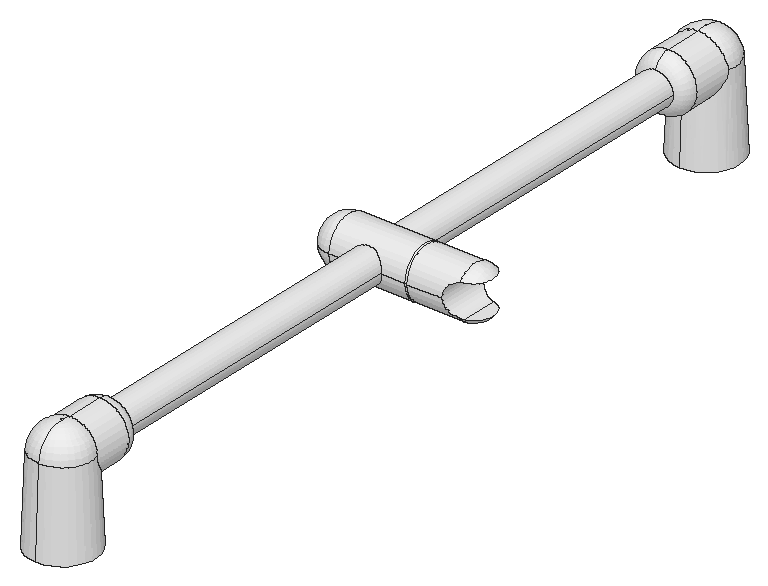
Revit family "xSlide_Bar-American_Standard-Standard-1660_Series", category Specialty Equipment, host Face, Revit 2014
Parameters (values of type "1660.225")
  Width = 5"  # constant formula
  Warranty Information = "One Year General Product Warranty"  # constant formula
  URL = "https://www.americanstandard-us.com/"
  Type Comments = ""
  Product Page URL = "https://www.americanstandard-us.com/bathroom/shower-faucets/standard-slide-bar-17023"
  Product Documentation Link = "https://www.americanstandard-us.com/-/media/sites/asus/files/product-specs/shower-faucets/2017/fixture-wall-bracket-and-slide-bar-8888036-1660225-1660236/spec-sheet-8888036-1660225-1660236.pdf?la=en"
  Price = "Prices may vary. Please consult Manufacturer Representative for most up-to-date price list."  # constant formula
  Model = "1660.225"
  Material = "Brass-American Standard-002-Polished Chrome"
  Manufacturer = "American Standard"  # constant formula
  Length = 2 1/2"  # constant formula
  Installation Type = "Wall Mounted"  # constant formula
  Height = 24"
  Finish = Brass-American Standard-002-Polished Chrome
  Description = "24\" Standard Slide Bar"
  Default Elevation = 53"
  Creation Date = "01/22/2018"  # constant formula
  Assembly Code = "C1030200"
Types (3): name | Model | Height | Description | Default Elevation
  (no name) | "1660.225" | 24" | "24\" Standard Slide Bar" | 53"
  1660.225 | "1660.225" | 24" | "24\" Standard Slide Bar" | 53"
  1660.236 | "1660.236" | 36" | "36\" Standard Slide Bar" | 47"
Reference planes (in)
  plane 1 "Center (Front/Back)": y = 0
  plane 2: z = 0
  plane 3 "Center (Left/Right)": x = 0
  plane 4: z = 2.5
  plane 5: y = -12
  plane 6: y = 12
  plane 7: x = -0.5
  plane 8: x = 0.5
  plane 9: x = -1.75
  plane 10: x = 3.25
  plane 11: z = 3.375
  plane 12: y = -53
Forms (in)
  Revolve 1, solid, material "Brass-American Standard-002-Polished Chrome" <- "Finish"
    sketch origin (0, -27.0625, 0) x (0, 1, 0) y (0, 0, 1)
      loop
        line (14.07955, 0) -> (15.0625, 0) -> (15.0625, 3.37483) -> (15.02178, 3.37483)
        arc (15.02178, 3.37483) -> (14.44711, 3.14407) -> (14.19163, 2.57995) r 0.83094
        line (14.19163, 2.57995) -> (14.07955, 0)
      axis (15.0625, 3.37483) -> (15.0625, 0)
    angle from 0 to 360
  Revolve 2, solid, material "Brass-American Standard-002-Polished Chrome" <- "Finish"
    sketch origin (0, 0, 2.5) x (1, 0, 0) y (0, 1, 0)
      loop
        line (-1.75, 0) -> (3.40625, 0) -> (3.40625, 0.05131)
        arc (3.40625, 0.05131) -> (3.20161, 0.54536) -> (2.70756, 0.75) r 0.69869
        line (2.70756, 0.75) -> (1.28456, 0.75)
        arc (1.28456, 0.75) -> (1.25385, 0.74418) -> (1.22313, 0.75) r 0.08395
        line (1.22313, 0.75) -> (-1.04935, 0.75)
        arc (-1.04935, 0.75) -> (-1.54478, 0.54478) -> (-1.75, 0.04935) r 0.70065
        line (-1.75, 0.04935) -> (-1.75, 0)
      axis (-1.75, 0) -> (3.40625, 0)
    angle from 0 to 360
  Revolve 3, solid, material "Brass-American Standard-002-Polished Chrome" <- "Finish"
    sketch origin (0, 0, 0.47041) x (0, 1, 0) y (0, 0, 1)
      loop
        line (-10.10092, 2.02959) -> (-10.10092, 2.3768)
        arc (-10.10092, 2.3768) -> (-10.24635, 2.72791) -> (-10.59746, 2.87334) r 0.49654
        line (-10.59746, 2.87334) -> (-12, 2.87334) -> (-12, 2.02959) -> (-10.10092, 2.02959)
      axis (-12, 2.02959) -> (-10.10092, 2.02959)
    angle from 0 to 360
  Revolve 4, solid, material "Brass-American Standard-002-Polished Chrome" <- "Finish"
    sketch origin (0, 27.0625, 0) x (0, -1, 0) y (0, 0, -1)
      loop
        line (14.07955, 0) -> (14.19163, -2.57995)
        arc (14.19163, -2.57995) -> (14.44711, -3.14407) -> (15.02178, -3.37483) r 0.83094
        line (15.02178, -3.37483) -> (15.0625, -3.37483) -> (15.0625, 0) -> (14.07955, 0)
      axis (15.0625, -3.37483) -> (15.0625, 0)
    angle from 0 to 360
  Revolve 5, solid, material "Brass-American Standard-002-Polished Chrome" <- "Finish"
    sketch origin (0, 0, 0.47041) x (0, -1, 0) y (0, 0, -1)
      loop
        line (-10.10092, -2.02959) -> (-12, -2.02959) -> (-12, -2.87334) -> (-10.59746, -2.87334)
        arc (-10.59746, -2.87334) -> (-10.24635, -2.72791) -> (-10.10092, -2.3768) r 0.49654
        line (-10.10092, -2.3768) -> (-10.10092, -2.02959)
      axis (-12, -2.02959) -> (-10.10092, -2.02959)
    angle from 0 to 360
  Extrusion 6, void
    sketch origin (0.6262, 0, 0.75) x (1, 0, 0) y (0, 0, 1)
      loop
        line (2.1875, 1.25) -> (3.3097, 1.25) -> (3.3097, 2.25) -> (2.1875, 2.25)
        arc (2.1875, 2.25) -> (1.6875, 1.75) -> (2.1875, 1.25) r 0.5
    from -0.89529 to 1.0084
  Extrusion 7, solid, material "Brass-American Standard-002-Polished Chrome" <- "Finish"
    sketch origin (0, 0, 0) x (1, 0, 0) y (0, 0, 1)
      loop
        circle (0, 2.5) r 0.5
    from -12 to 12
Cuts and joins
  Extrusion 6 cuts Revolve 2
  joined: Revolve 1, Revolve 2, Revolve 3, Revolve 4, Revolve 5, Extrusion 7
Lines and regions (in)
  Masking region 1
    outline origin (0, 0, 0) x (1, 0, 0) y (0, 0, 1)
      loop
        arc (3.24314, 3) -> (3.02829, 3.17171) -> (2.76464, 3.25) r 0.71766
        line (2.76464, 3.25) -> (1.28456, 3.25)
        arc (1.28456, 3.25) -> (1.25385, 3.24378) -> (1.22313, 3.25) r 0.0789
        line (1.22313, 3.25) -> (0.47687, 3.25)
        arc (0.47687, 3.25) -> (-0.00096, 3.375) -> (-0.47878, 3.25) r 0.97576
        line (-0.47878, 3.25) -> (-1.05339, 3.25)
        arc (-1.05339, 3.25) -> (-1.54597, 3.04597) -> (-1.75, 2.55339) r 0.69661
        line (-1.75, 2.55339) -> (-1.75, 2.44485)
        arc (-1.75, 2.44485) -> (-1.54648, 1.95352) -> (-1.05515, 1.75) r 0.69485
        line (-1.05515, 1.75) -> (-0.90584, 1.75) -> (-0.98295, 0) -> (0.98295, 0) -> (0.90837, 1.75) -> (1.22313, 1.75)
        arc (1.22313, 1.75) -> (1.25385, 1.75559) -> (1.28456, 1.75) r 0.08713
        line (1.28456, 1.75) -> (2.73742, 1.75)
        arc (2.73742, 1.75) -> (3.02042, 1.82024) -> (3.25, 2) r 0.6977
        line (3.25, 2) -> (2.8137, 2)
        arc (2.8137, 2) -> (2.3137, 2.5) -> (2.8137, 3) r 0.5
        line (2.8137, 3) -> (3.24314, 3)
  symbolic lines, detail levels medium+fine
    curve 1: line (0.90837, 0, 1.75) -> (0.86922, 0, 2.62286)
    curve 2: line (-0.90837, 0, 1.75) -> (-0.86922, 0, 2.62286)
    curve 3: arc (0.86922, 0, 2.62286) -> (0.74697, 0, 2.98268) -> (0.47687, 0, 3.25) r 0.82806
    curve 4: arc (-0.86922, 0, 2.62286) -> (-0.74697, 0, 2.98268) -> (-0.47687, 0, 3.25) r 0.82806
  symbolic lines, detail levels fine
    curve 5: line (1.28456, 0, 3.25) -> (1.28456, 0, 1.75)
    curve 6: line (1.22313, 0, 1.75) -> (1.22313, 0, 3.25)
Dimensions and locks (in)
  plane 7 to plane 8 = 1"
  plane 9 to plane 3 "Center (Left/Right)" to plane 10 = 1 3/4", 3 1/4"
  "Width": plane 9 to plane 10
  plane 2 to plane 11 = 3 3/8"
  plane 2 to plane 4 = 2 1/2"
  "Height": plane 6 to plane 5
  equal spacing: plane 6, plane 1 "Center (Front/Back)", plane 5
  plane 12 to plane 6 = 65"
  plane 12 to plane 1 "Center (Front/Back)" = 53"
  aligned and locked: plane 2 to host face
  aligned and locked: level to host face
  aligned and locked: Revolve 5 sketch curve to plane 6
  aligned and locked: plane 6 to Revolve 4 sketch curve
  aligned and locked: Revolve 4 sketch curve to host face
  aligned and locked: Revolve 3 sketch curve to plane 5
  aligned and locked: Revolve 3 sketch curve to plane 4
  aligned and locked: plane 5 to Revolve 1 sketch curve
  aligned and locked: host face to Revolve 1 sketch curve
  aligned and locked: plane 4 to Revolve 5 sketch curve
  aligned and locked: plane 3 "Center (Left/Right)" to Extrusion 7 sketch curve
  aligned and locked: plane 4 to Extrusion 7 sketch curve
  aligned and locked: Extrusion 7 to plane 6
  aligned and locked: plane 5 to Extrusion 7
Automatic sketch dimensions
  host sketch curve to host sketch curve = 96"  (x2)
  Extrusion 6 sketch curve to plane 4 = 0"
  Extrusion 6 sketch curve to plane 10 = 0.4363"
  plane 10 to Extrusion 6 sketch curve = 0.6859"
  plane 4 to Extrusion 6 sketch curve = 1/2"
  plane 1 "Center (Front/Back)" to Revolve 2 sketch curve = 0"  (x2)
  Revolve 2 sketch curve to plane 9 = 0"
  plane 8 to Revolve 2 sketch curve = 0.75385"
  Revolve 2 sketch curve to plane 1 "Center (Front/Back)" = 0.05131"
  Revolve 2 sketch curve to plane 10 = 0.54244"
  plane 10 to Revolve 2 sketch curve = 5/32"
  Revolve 2 sketch curve to Revolve 2 sketch curve = 0.04935"
  Revolve 2 sketch curve to Revolve 2 sketch curve = 5/64"
  Revolve 2 sketch curve to Revolve 2 sketch curve = 0.03071"
  Revolve 2 sketch curve to Revolve 2 sketch curve = 0.06143"
  Revolve 2 sketch curve to Revolve 2 sketch curve = 5/32"
  Revolve 2 sketch curve to Revolve 2 sketch curve = 2 1/2"
  Masking region 1 sketch curve to plane 9 = 0"
  Masking region 1 sketch curve to level = 0"
  Masking region 1 sketch curve to plane 4 = 0"
  Masking region 1 sketch curve to plane 10 = 0"
  Masking region 1 sketch curve to plane 7 = 0.55515"
  plane 11 to Masking region 1 sketch curve = 1/8"
  Masking region 1 sketch curve to plane 7 = 0.55339"
  Masking region 1 sketch curve to Masking region 1 sketch curve = 0.14931"
  plane 7 to Masking region 1 sketch curve = 0.02122"
  Masking region 1 sketch curve to plane 3 "Center (Left/Right)" = 0.00096"
  Masking region 1 sketch curve to plane 8 = 0.02313"
  plane 8 to Masking region 1 sketch curve = 0.40837"
  Masking region 1 sketch curve to Masking region 1 sketch curve = 0.31477"
  plane 8 to Masking region 1 sketch curve = 0.72313"
  Masking region 1 sketch curve to Masking region 1 sketch curve = 0.03071"  (x2)
  Masking region 1 sketch curve to Masking region 1 sketch curve = 0.06143"  (x2)
  Masking region 1 sketch curve to plane 4 = 0.03563"
  Masking region 1 sketch curve to plane 10 = 0.55404"
  plane 4 to Masking region 1 sketch curve = 0.05267"
  Masking region 1 sketch curve to Masking region 1 sketch curve = 0.0186"
  Masking region 1 sketch curve to plane 10 = 0.51258"
  Masking region 1 sketch curve to plane 10 = 0.48536"
  Masking region 1 sketch curve to Masking region 1 sketch curve = 0.09913"
  Masking region 1 sketch curve to plane 10 = 0.00686"
  Masking region 1 sketch curve to Masking region 1 sketch curve = 0.08154"
  plane 4 to Masking region 1 sketch curve = 3/4"
  plane 4 to Masking region 1 sketch curve = 0.10076"
  plane 11 to Masking region 1 sketch curve = 0.05232"
  Masking region 1 sketch curve to plane 7 = 0.48295"
  plane 8 to Masking region 1 sketch curve = 0.48295"
  Revolve 1 sketch curve to plane 5 = 0"
  plane 11 to Revolve 1 sketch curve = 0.00017"
  plane 5 to Revolve 1 sketch curve = 0.04072"
  Revolve 1 sketch curve to plane 4 = 0.07995"
  Revolve 1 sketch curve to Revolve 1 sketch curve = 0.83016"
  plane 5 to Revolve 1 sketch curve = 0.98295"
  Revolve 1 sketch curve to Revolve 1 sketch curve = 0.37483"
  Revolve 1 sketch curve to plane 11 = 1 3/8"
  plane 4 to Revolve 3 sketch curve = 0"
  Revolve 3 sketch curve to plane 4 = 0.34721"
  Revolve 3 sketch curve to plane 5 = 1.40254"
  Revolve 3 sketch curve to Revolve 3 sketch curve = 0.49654"
  Revolve 3 sketch curve to Revolve 3 sketch curve = 0.10092"
  Revolve 3 sketch curve to Revolve 3 sketch curve = 0.81785"
  Revolve 4 sketch curve to plane 6 = 0"
  plane 11 to Revolve 4 sketch curve = 0.00017"
  Revolve 4 sketch curve to plane 6 = 0.04072"
  Revolve 4 sketch curve to plane 4 = 0.07995"
  Revolve 4 sketch curve to Revolve 4 sketch curve = 0.83016"
  Revolve 4 sketch curve to plane 6 = 0.98295"
  Revolve 4 sketch curve to plane 11 = 1 3/8"
  Revolve 4 sketch curve to Revolve 4 sketch curve = 0.37483"
  plane 4 to Revolve 5 sketch curve = 0"
  Revolve 5 sketch curve to plane 4 = 0.34721"
  plane 6 to Revolve 5 sketch curve = 1.40254"
  Revolve 5 sketch curve to Revolve 5 sketch curve = 0.49654"
  Revolve 5 sketch curve to Revolve 5 sketch curve = 0.10092"
  Revolve 5 sketch curve to Revolve 5 sketch curve = 0.81785"
  curve 2 to plane 4 = 0.12286"
  curve 2 to plane 7 = 0.36922"
  curve 4 to plane 3 "Center (Left/Right)" = 0.04497"
  plane 3 "Center (Left/Right)" to curve 3 = 0.04497"
  curve 1 to plane 4 = 0.12286"
  plane 8 to curve 1 = 0.36922"
  curve 4 to plane 4 = 0.04349"
  curve 3 to plane 4 = 0.04349"
  curve 2 to plane 7 = 0.40837"
  plane 7 to curve 4 = 0.02313"
  curve 3 to plane 8 = 0.02313"
  plane 8 to curve 1 = 0.40837"
  curve 1 to curve 6 = 0.31477"
  curve 6 to curve 5 = 0.06143"
  plane 4 to curve 1 = 3/4"
  curve 5 to curve 1 = 0"
  plane 4 to curve 2 = 3/4"
  curve 6 to curve 5 = 0"  (x2)
  plane 11 to curve 5 = 1/8"
  radius of Extrusion 7 sketch curve = 1/2"
